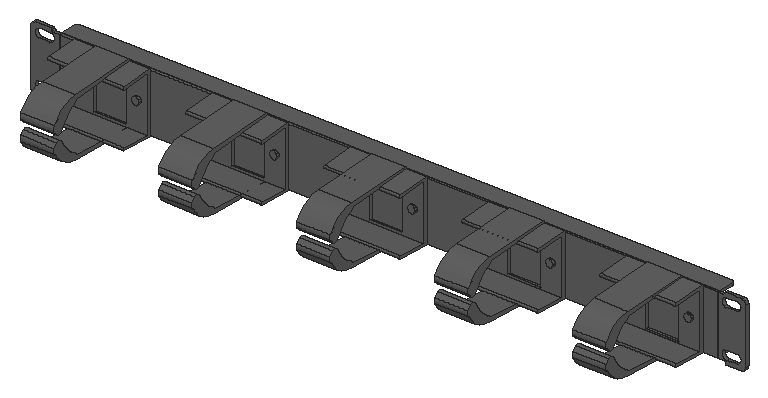
Revit family "Eurolan_Горизонтальный организатор 19 1U с пластиковыми кольцами", category Устройства связи, Revit 2019
Family settings
  Сохранять ориентацию аннотаций = Нет
  Размер круглого соединителя = Использовать диаметр
  Тип детали = Нормальный
  На основе рабочей плоскости = Нет
  Всегда вертикально = Да
  При загрузке вырезать с полостями = Нет
  Общий = Нет
  Точка расчета площади = Нет
Parameters (values of type "Горизонтальный организатор 19"_1U_с пластиковыми кольцами_25B-1U-14BL")
  ADSK_Примечание = ""
  ADSK_Позиция = ""
  ADSK_Наименование краткое = "Горизонтальный организатор 19\", 1U"
  ADSK_Наименование = "Горизонтальный организатор 19\", 1U, с пластиковыми кольцами, черный"
  ADSK_Материал = RAL 9005
  ADSK_Масса = 0.63
  ADSK_Марка = "1U"
  ADSK_Код изделия = "25B-1U-14BL"
  ADSK_Завод-изготовитель = "Eurolan"
  ADSK_Единица измерения = "шт."
Reference planes
  plane 1 "По центру (Вперед/Назад)": y = 0
  plane 2: z = 0
  plane 3 "По центру (Влево/Вправо)": x = 0
Forms (mm)
  Extrusion 1, solid, material "RAL 9005" <- "ADSK_Материал", detail levels medium
    sketch origin (0, 0, 0) x (1, 0, 0) y (0, 1, 0)
      loop
        line (-222, 0) -> (222.035, 0) -> (222.035, 15) -> (-222, 15) -> (-222, 0)
    from 0 to 43.8
  Extrusion 2, solid, material "RAL 9005" <- "ADSK_Материал", detail levels medium
    sketch origin (0, 0, 0) x (1, 0, 0) y (0, 1, 0)
      loop
        line (-241.3, 2) -> (-241.3, 0) -> (241.3, 0) -> (241.3, 2) -> (-241.3, 2)
    from 0 to 43.8
  Extrusion 3, solid, material "RAL 9005" <- "ADSK_Материал", detail levels medium
    sketch origin (0, 0, 0) x (1, 0, 0) y (0, 1, 0)
      loop
        line (-211.835, 0) -> (-211.835, -22.622) -> (-197.65, -22.622) -> (-197.65, -63.832) -> (-175.15, -63.832) -> (-175.15, -22.622) -> (-160.965, -22.622) -> (-160.965, 0) -> (-211.835, 0)
    from 0.426 to 43.8
  Extrusion 4, solid, material "RAL 9005" <- "ADSK_Материал", detail levels medium
    sketch origin (93.2, 0, 0) x (1, 0, 0) y (0, 1, 0)
      loop
        line (-211.835, 0) -> (-211.835, -22.622) -> (-197.65, -22.622) -> (-197.65, -63.832) -> (-175.15, -63.832) -> (-175.15, -22.622) -> (-160.965, -22.622) -> (-160.965, 0) -> (-211.835, 0)
    from 0.426 to 43.8
  Extrusion 5, solid, material "RAL 9005" <- "ADSK_Материал", detail levels medium
    sketch origin (186.4, 0, 0) x (1, 0, 0) y (0, 1, 0)
      loop
        line (-211.835, 0) -> (-211.835, -22.622) -> (-197.65, -22.622) -> (-197.65, -63.832) -> (-175.15, -63.832) -> (-175.15, -22.622) -> (-160.965, -22.622) -> (-160.965, 0) -> (-211.835, 0)
    from 0.426 to 43.8
  Extrusion 6, solid, material "RAL 9005" <- "ADSK_Материал", detail levels medium
    sketch origin (279.6, 0, 0) x (1, 0, 0) y (0, 1, 0)
      loop
        line (-211.835, 0) -> (-211.835, -22.622) -> (-197.65, -22.622) -> (-197.65, -63.832) -> (-175.15, -63.832) -> (-175.15, -22.622) -> (-160.965, -22.622) -> (-160.965, 0) -> (-211.835, 0)
    from 0.426 to 43.8
  Extrusion 7, solid, material "RAL 9005" <- "ADSK_Материал", detail levels medium
    sketch origin (372.8, 0, 0) x (1, 0, 0) y (0, 1, 0)
      loop
        line (-211.835, 0) -> (-211.835, -22.622) -> (-197.65, -22.622) -> (-197.65, -63.832) -> (-175.15, -63.832) -> (-175.15, -22.622) -> (-160.965, -22.622) -> (-160.965, 0) -> (-211.835, 0)
    from 0.426 to 43.8
  Extrusion 8, solid, material "RAL 9005" <- "ADSK_Материал", detail levels coarse
    sketch origin (0, 0, 0) x (1, 0, 0) y (0, 1, 0)
      loop
        line (-241.3, 14.7) -> (-241.3, -63.832) -> (241.3, -63.832) -> (241.3, 14.7) -> (-241.3, 14.7)
    from 0 to 43.8
Dimensions and locks
  plane 1 "По центру (Вперед/Назад)" to Extrusion 2 = 2 mm
  aligned and locked: level to plane 2
Nested families
  nested 1: "25B-1U-14BL" at (0, 0, 0), type "25B-1U-14BL"
Definition of nested family "25B-1U-14BL"
  Parameters (values of type "25B-1U-14BL")
    ШиринаОборудования = 444 mm
    Ширина_1 = 465 mm
    URL = ""
    ADSK_Размер_Ширина = 482.6 mm  # constant formula
    ADSK_Размер_Глубина = 117.4 mm
    ADSK_Размер_Высота = 43.8 mm
    ADSK_Материал = none
  Reference planes
    plane 1 "По центру (Вперед/Назад)": y = 0
    plane 2: z = 0
    plane 3 "По центру (Влево/Вправо)": x = 0
    plane 4 "l1": x = 241.3
    plane 5 "r1": x = -241.3
    plane 6 "u1": z = 43.8
    plane 7 "cc": z = 21.9
    plane 8: x = 222
    plane 9: x = -222
    plane 10 "11": z = 41.8
    plane 11 "33": z = 2
    plane 12 "44": z = 39.3
    plane 13: z = 4.5
  Forms (mm)
    Extrusion 1, solid, detail levels fine
      sketch origin (0, 2, 22.2) x (1, 0, 0) y (0, 0, 1)
        loop
          line (222, 19.6) -> (-222, 19.6) -> (-222, -20.2) -> (222, -20.2) -> (222, 19.6)
      from 0 to 2
    Extrusion 2, solid, material <- "ADSK_Материал", detail levels fine
      sketch origin (0, 7.756, 42.3) x (0, -1, 0) y (1, 0, 0)
        loop
          line (5.756, -222) -> (5.756, 222) -> (-4.929, 222)
          arc (-4.929, 222) -> (-6.354, 221.41) -> (-6.944, 219.985) r 2.015
          line (-6.944, 219.985) -> (-6.944, -219.985)
          arc (-6.944, -219.985) -> (-6.354, -221.41) -> (-4.929, -222) r 2.015
          line (-4.929, -222) -> (5.756, -222)
      from -2.054 to -0.5
    Extrusion 3, solid, material <- "ADSK_Материал", detail levels fine
      sketch origin (0, 7.756, 4.054) x (1, 0, 0) y (0, 1, 0)
        loop
          line (-222, -5.756) -> (222, -5.756) -> (222, 4.929)
          arc (222, 4.929) -> (221.41, 6.354) -> (219.985, 6.944) r 2.015
          line (219.985, 6.944) -> (-219.985, 6.944)
          arc (-219.985, 6.944) -> (-221.41, 6.354) -> (-222, 4.929) r 2.015
          line (-222, 4.929) -> (-222, -5.756)
      from -2.054 to -0.5
  Lines and regions (mm)
    model lines
      curve 1: line (-232.5, 0, 7.975) -> (-232.5, 0, 4.975)
      curve 2: line (-234, 0, 6.475) -> (-231, 0, 6.475)
      curve 3: line (-232.5, 0, 38.787) -> (-232.5, 0, 35.787)
      curve 4: line (-234, 0, 37.287) -> (-231, 0, 37.287)
      curve 5: line (232.5, 0, 38.803) -> (232.5, 0, 35.803)
      curve 6: line (231, 0, 37.287) -> (234, 0, 37.287)
      curve 7: line (232.5, 0, 7.465) -> (232.5, 0, 5.534)
      curve 8: line (231.09, 0, 6.475) -> (233.899, 0, 6.475)
  Dimensions and locks
    equal spacing: plane 5 "r1", plane 3 "По центру (Влево/Вправо)", plane 4 "l1"
    "ADSK_Размер_Ширина": plane 4 "l1" to plane 5 "r1"
    plane 5 "r1" to plane 4 "l1" = 482.6 mm
    "ADSK_Размер_Высота": level to plane 6 "u1"
    equal spacing: plane 6 "u1", plane 7 "cc", level
    equal spacing: plane 8, plane 3 "По центру (Влево/Вправо)", plane 9
    locked: plane 10 "11" to plane 6 "u1" at 2
    locked: level to plane 11 "33" at 2
    plane 12 "44" to plane 10 "11" = 2.5 mm
    plane 11 "33" to plane 13 = 2.5 mm
    plane 8 to plane 9 = 444 mm  (x2)
    "Ширина_1": curve 1 to curve 7
    equal spacing: curve 1, plane 3 "По центру (Влево/Вправо)", curve 7
    equal spacing: plane 4 "l1", plane 3 "По центру (Влево/Вправо)", plane 5 "r1"
    curve 6 to curve 8 = 30.812 mm
    curve 4 to curve 2 = 30.812 mm
    plane 9 to plane 8 = 444 mm
    Extrusion 2 to Extrusion 2 = 1.554 mm
    Extrusion 2 to Extrusion 2 = 12.7 mm
    aligned and locked: level to plane 2
    aligned and locked: plane 10 "11" to Extrusion 1
    aligned and locked: Extrusion 1 to plane 11 "33"
    aligned and locked: plane 10 "11" to Extrusion 2
  Automatic sketch dimensions
    Extrusion 1 sketch curve to plane 9 = 0 mm
    Extrusion 1 sketch curve to plane 8 = 0 mm
    Extrusion 1 sketch curve to plane 11 "33" = 0 mm
    Extrusion 1 sketch curve to plane 10 "11" = 0 mm
    Extrusion 2 sketch curve to plane 9 = 0 mm
    Extrusion 2 sketch curve to plane 8 = 0 mm
    plane 9 to Extrusion 2 sketch curve = 2.015 mm
    Extrusion 2 sketch curve to plane 1 "По центру (Вперед/Назад)" = 14.7 mm
    Extrusion 2 sketch curve to Extrusion 2 sketch curve = 2.015 mm
    Extrusion 2 sketch curve to plane 1 "По центру (Вперед/Назад)" = 2 mm
    Extrusion 3 sketch curve to plane 9 = 0 mm
    Extrusion 3 sketch curve to plane 8 = 0 mm
    plane 9 to Extrusion 3 sketch curve = 2.015 mm
    Extrusion 3 sketch curve to Extrusion 3 sketch curve = 2.015 mm
    Extrusion 3 sketch curve to plane 1 "По центру (Вперед/Назад)" = 2 mm
    Extrusion 3 sketch curve to Extrusion 3 sketch curve = 10.685 mm
    curve 1 to plane 13 = 0.475 mm
    plane 12 "44" to curve 4 = 2.013 mm
    plane 5 "r1" to curve 4 = 7.3 mm
    curve 2 to curve 1 = 1.5 mm  (x2)
    plane 12 "44" to curve 3 = 0.513 mm
    curve 4 to curve 3 = 1.5 mm
    curve 3 to curve 4 = 1.5 mm  (x2)
    curve 1 to curve 2 = 1.5 mm
    plane 12 "44" to curve 6 = 2.013 mm
    plane 8 to curve 6 = 9 mm
    curve 8 to curve 7 = 1.41 mm
    curve 6 to curve 5 = 1.5 mm
    curve 7 to curve 8 = 1.399 mm
    curve 5 to curve 6 = 1.5 mm
    curve 7 to plane 13 = 1.034 mm
    curve 8 to curve 7 = 0.99 mm
    curve 5 to curve 6 = 1.484 mm
    plane 12 "44" to curve 5 = 0.497 mm
  Nested families
    nested 1: "Пластиковый кольца к 25B-1U-14BL" at (0, 0, 2.725), type "Пластиковый кольца к 25B-1U-14BL", detail levels fine
    nested 2: "Пластиковый кольца к 25B-1U-14BL" at (93.2, 0, 2.725), type "Пластиковый кольца к 25B-1U-14BL", detail levels fine
    nested 3: "Пластиковый кольца к 25B-1U-14BL" at (186.4, 0, 2.725), type "Пластиковый кольца к 25B-1U-14BL", detail levels fine
    nested 4: "Пластиковый кольца к 25B-1U-14BL" at (-93.2, 0, 2.725) x (-1, 0, 0) z (0, 0, 1), type "Пластиковый кольца к 25B-1U-14BL", detail levels fine
    nested 5: "Пластиковый кольца к 25B-1U-14BL" at (-186.4, 0, 2.725) x (-1, 0, 0) z (0, 0, 1), type "Пластиковый кольца к 25B-1U-14BL", detail levels fine
    nested 6: "Уши" at (220.663, 1.231, 21.9), type "1U_панель"
    nested 7: "Уши" at (-220.663, 1.231, 21.9) x (-1, 0, 0) z (0, 0, 1), type "1U_панель"
  Definition of nested family "Пластиковый кольца к 25B-1U-14BL"
    Parameters (values of type "Пластиковый кольца к 25B-1U-14BL")
      ADSK_Материал = none
    Reference planes
      plane 1 "По центру (Вперед/Назад)": y = 0
      plane 2: z = 0
      plane 3 "По центру (Влево/Вправо)": x = 0
      plane 4: z = 19.175
      plane 5: z = -2.325
      plane 6: z = 40.675
    Forms (mm)
      Extrusion 1, solid
        sketch origin (0, 0, 0) x (0, 1, 0) y (0, 0, 1)
          loop
            line (0, 40.675) -> (-45.213, 38.759)
            arc (-45.213, 38.759) -> (-55.646, 35.571) -> (-63.208, 27.708) r 21.693
            arc (-63.208, 27.708) -> (-63.774, 25.872) -> (-63.308, 24.007) r 3.576
            line (-63.308, 24.007) -> (-60.884, 21.583)
            arc (-60.884, 21.583) -> (-59.188, 21.218) -> (-57.567, 21.837) r 3.049
            arc (-57.567, 21.837) -> (-53.014, 29.007) -> (-46.371, 34.299) r 25.667
            line (-46.371, 34.299) -> (-44.443, 35.96) -> (0, 38.99) -> (0, 40.675)
          loop
            line (0, -2.325) -> (0, -0.639) -> (-44.443, 2.391) -> (-46.365, 4.063)
            arc (-46.365, 4.063) -> (-53.013, 9.361) -> (-57.566, 16.54) r 25.665
            arc (-57.566, 16.54) -> (-59.205, 17.174) -> (-60.923, 16.807) r 3.075
            line (-60.923, 16.807) -> (-63.347, 14.383)
            arc (-63.347, 14.383) -> (-63.83, 12.439) -> (-63.209, 10.534) r 3.631
            arc (-63.209, 10.534) -> (-55.632, 2.745) -> (-45.232, -0.401) r 21.731
            line (-45.232, -0.401) -> (0, -2.325)
        from -11.25 to 11.25
      Extrusion 2, solid
        sketch origin (0, 0, 0) x (0, 1, 0) y (0, 0, 1)
          loop
            line (0, 39.833) -> (-21.776, 38.424)
            arc (-21.776, 38.424) -> (-22.622, 37.578) -> (-21.776, 36.733) r 0.846
            line (-21.776, 36.733) -> (-2.109, 38.005) -> (-2.109, 0.346) -> (-21.776, 1.618)
            arc (-21.776, 1.618) -> (-22.622, 0.772) -> (-21.776, -0.073) r 0.846
            line (-21.776, -0.073) -> (0, -1.482) -> (0, 39.833)
        from -25.435 to 25.435
      Extrusion 3, void
        sketch origin (0, 0, 0) x (1, 0, 0) y (0, 0, 1)
          loop
            line (-11.25, 35.96) -> (-11.25, 1.618) -> (11.25, 1.618) -> (11.25, 35.96) -> (-11.25, 35.96)
        from 0 to 2.109
      Extrusion 4, solid
        sketch origin (0, 0, 0) x (1, 0, 0) y (0, 0, 1)
          loop
            circle (18.342, 19.175) r 2.457
        from 2.109 to 3.483
      Extrusion 5, solid
        sketch origin (0, 0, 0) x (-1, 0, 0) y (0, 0, -1)
          loop
            circle (18.342, -19.175) r 2.457
        from 2.109 to 3.483
    Cuts and joins
      Extrusion 3 cuts Extrusion 1
      Extrusion 3 cuts Extrusion 2
    Dimensions and locks
      equal spacing: plane 5, plane 4, plane 6
      plane 5 to plane 6 = 43 mm
      Extrusion 3 to level = 35.96 mm
      locked: Extrusion 4 to cut or joined group of Extrusion 2, Extrusion 3 at 1.374
      aligned and locked: level to plane 2
      aligned and locked: Extrusion 3 to plane 1 "По центру (Вперед/Назад)"
      aligned and locked: cut or joined group of Extrusion 2, Extrusion 3 to Extrusion 3
      aligned and locked: Extrusion 4 to cut or joined group of Extrusion 2, Extrusion 3
    Automatic sketch dimensions
      Extrusion 1 sketch curve to plane 1 "По центру (Вперед/Назад)" = 0 mm  (x2)
      Extrusion 1 sketch curve to plane 4 = 7.331 mm
      plane 1 "По центру (Вперед/Назад)" to Extrusion 1 sketch curve = 33.916 mm
      plane 4 to Extrusion 1 sketch curve = 7.322 mm
      Extrusion 1 sketch curve to Extrusion 1 sketch curve = 0.006 mm
      plane 4 to Extrusion 1 sketch curve = 2.09 mm
      Extrusion 1 sketch curve to Extrusion 1 sketch curve = 10.373 mm
      Extrusion 1 sketch curve to Extrusion 1 sketch curve = 0.045 mm
      level to Extrusion 1 sketch curve = 2.391 mm
      Extrusion 1 sketch curve to Extrusion 1 sketch curve = 10.522 mm
      plane 6 to Extrusion 1 sketch curve = 4.715 mm
      Extrusion 1 sketch curve to Extrusion 1 sketch curve = 10.527 mm
      plane 6 to Extrusion 1 sketch curve = 1.917 mm
      Extrusion 1 sketch curve to Extrusion 1 sketch curve = 0.77 mm
      Extrusion 1 sketch curve to level = 0.401 mm
      Extrusion 1 sketch curve to Extrusion 1 sketch curve = 0.789 mm
      level to Extrusion 1 sketch curve = 4.063 mm
      Extrusion 1 sketch curve to Extrusion 1 sketch curve = 1.922 mm
      plane 6 to Extrusion 1 sketch curve = 6.377 mm
      Extrusion 1 sketch curve to Extrusion 1 sketch curve = 1.928 mm
      Extrusion 1 sketch curve to plane 4 = 5.082 mm
      Extrusion 1 sketch curve to Extrusion 1 sketch curve = 15.082 mm
      plane 4 to Extrusion 1 sketch curve = 5.067 mm
      Extrusion 1 sketch curve to Extrusion 1 sketch curve = 0.028 mm
      Extrusion 1 sketch curve to Extrusion 1 sketch curve = 0.779 mm
      Extrusion 1 sketch curve to Extrusion 1 sketch curve = 0.753 mm
      Extrusion 1 sketch curve to plane 4 = 2.407 mm
      Extrusion 1 sketch curve to Extrusion 1 sketch curve = 1.463 mm
      plane 4 to Extrusion 1 sketch curve = 2.369 mm
      Extrusion 1 sketch curve to Extrusion 1 sketch curve = 1.474 mm
      Extrusion 1 sketch curve to plane 4 = 4.831 mm
      Extrusion 1 sketch curve to Extrusion 1 sketch curve = 2.424 mm  (x2)
      plane 4 to Extrusion 1 sketch curve = 4.793 mm
      Extrusion 1 sketch curve to level = 0.639 mm
      plane 5 to Extrusion 1 sketch curve = 0 mm
      Extrusion 1 sketch curve to Extrusion 1 sketch curve = 1.539 mm
      Extrusion 1 sketch curve to Extrusion 1 sketch curve = 4.226 mm
      Extrusion 1 sketch curve to Extrusion 1 sketch curve = 1.517 mm
      plane 6 to Extrusion 1 sketch curve = 1.685 mm
      Extrusion 2 sketch curve to plane 1 "По центру (Вперед/Назад)" = 0 mm
      plane 1 "По центру (Вперед/Назад)" to Extrusion 2 sketch curve = 2.109 mm
      level to Extrusion 2 sketch curve = 0.772 mm
      Extrusion 2 sketch curve to Extrusion 2 sketch curve = 19.667 mm  (x2)
      plane 6 to Extrusion 2 sketch curve = 2.251 mm
      level to Extrusion 2 sketch curve = 0.346 mm
      Extrusion 2 sketch curve to level = 0.073 mm
      Extrusion 2 sketch curve to plane 5 = 0.843 mm
      Extrusion 2 sketch curve to Extrusion 2 sketch curve = 1.692 mm
      plane 6 to Extrusion 2 sketch curve = 2.671 mm
      plane 6 to Extrusion 2 sketch curve = 0.843 mm
      level to Extrusion 3 sketch curve = 1.618 mm
      Extrusion 3 sketch curve to plane 3 "По центру (Влево/Вправо)" = 11.25 mm
      plane 3 "По центру (Влево/Вправо)" to Extrusion 3 sketch curve = 11.25 mm
      plane 6 to Extrusion 3 sketch curve = 4.715 mm
      Extrusion 4 sketch curve to plane 4 = 0 mm
      plane 3 "По центру (Влево/Вправо)" to Extrusion 4 sketch curve = 18.342 mm
      Extrusion 5 sketch curve to plane 4 = 0 mm
      plane 3 "По центру (Влево/Вправо)" to Extrusion 5 sketch curve = 18.342 mm
      radius of Extrusion 4 sketch curve = 2.457 mm
      radius of Extrusion 5 sketch curve = 2.457 mm
  Definition of nested family "Уши"
    Parameters (values of type "1U_панель")
      Высота_2 = 88 mm
      U2 = no
      U1 = no
      U = 31.75 mm
      Высота = 44 mm
      ADSK_Материал = none
      1U_панель = yes
    Types (4, lengths in mm): name | U2 | U1 | 1U_панель
      (no name) | no | no | yes
      U1 | no | yes | yes
      U2 | yes | no | no
      1U_панель | no | no | yes
    Reference planes
      plane 1 "По центру (Вперед/Назад)": y = 0
      plane 2: z = 0
      plane 3 "По центру (Влево/Вправо)": x = 0
      plane 4: y = 0.697
      plane 5: y = -0.697
      plane 6: x = 23.637
      plane 7: z = 22
      plane 8: x = -1.264
      plane 9: z = 15.875
      plane 10: z = -15.875
      plane 11: z = -22
      plane 12: z = 44
      plane 13: z = -44
    Forms (mm)
      Extrusion 1, solid, material <- "ADSK_Материал", visible <- "U1", detail levels fine
        sketch origin (0, 0, 0) x (1, 0, 0) y (0, 0, 1)
          loop
            line (-1.264, 22) -> (-1.264, -22) -> (22.636, -22)
            arc (22.636, -22) -> (23.344, -21.707) -> (23.637, -20.999) r 1.001
            line (23.637, -20.999) -> (23.637, 20.999)
            arc (23.637, 20.999) -> (23.344, 21.707) -> (22.636, 22) r 1.001
            line (22.636, 22) -> (-1.264, 22)
          loop
            arc (7.986, 19.075) -> (4.786, 15.875) -> (7.986, 12.675) r 3.2
            line (7.986, 12.675) -> (14.386, 12.675)
            arc (14.386, 12.675) -> (17.586, 15.875) -> (14.386, 19.075) r 3.2
            line (14.386, 19.075) -> (7.986, 19.075)
          loop
            arc (7.986, -12.675) -> (4.786, -15.875) -> (7.986, -19.075) r 3.2
            line (7.986, -19.075) -> (14.386, -19.075)
            arc (14.386, -19.075) -> (17.586, -15.875) -> (14.386, -12.675) r 3.2
            line (14.386, -12.675) -> (7.986, -12.675)
        from -0.697 to 0.697
      Extrusion 2, solid, material <- "ADSK_Материал", visible <- "U2", detail levels fine
        sketch origin (0, 0, 0) x (1, 0, 0) y (0, 0, 1)
          loop
            line (23.637, 44) -> (-1.264, 44) -> (-1.264, -44) -> (23.637, -44) -> (23.637, 44)
          loop
            arc (7.986, 41.075) -> (4.786, 37.875) -> (7.986, 34.675) r 3.2
            line (7.986, 34.675) -> (14.386, 34.675)
            arc (14.386, 34.675) -> (17.586, 37.875) -> (14.386, 41.075) r 3.2
            line (14.386, 41.075) -> (7.986, 41.075)
          loop
            arc (7.986, -34.675) -> (4.786, -37.875) -> (7.986, -41.075) r 3.2
            line (7.986, -41.075) -> (14.386, -41.075)
            arc (14.386, -41.075) -> (17.586, -37.875) -> (14.386, -34.675) r 3.2
            line (14.386, -34.675) -> (7.986, -34.675)
        from -0.697 to 0.697
      Extrusion 3, solid, material <- "ADSK_Материал", visible <- "1U_панель", detail levels fine
        sketch origin (0, 0, 0) x (1, 0, 0) y (0, 0, 1)
          loop
            line (20.637, -18.9) -> (20.637, 18.9)
            arc (20.637, 18.9) -> (19.758, 21.021) -> (17.637, 21.9) r 3
            line (17.637, 21.9) -> (6.751, 21.9) -> (6.751, 20.9)
            arc (6.751, 20.9) -> (6.458, 20.193) -> (5.751, 19.9) r 1
            line (5.751, 19.9) -> (1.337, 19.9) -> (1.337, -19.9) -> (6.337, -19.9)
            arc (6.337, -19.9) -> (7.044, -20.193) -> (7.337, -20.9) r 1
            line (7.337, -20.9) -> (7.337, -21.9) -> (17.637, -21.9)
            arc (17.637, -21.9) -> (19.758, -21.021) -> (20.637, -18.9) r 3
          loop
            line (11.837, 12.675) -> (14.355, 12.675)
            arc (14.355, 12.675) -> (17.555, 15.875) -> (14.355, 19.075) r 3.2
            line (14.355, 19.075) -> (7.986, 19.075)
            arc (7.986, 19.075) -> (4.786, 15.875) -> (7.986, 12.675) r 3.2
            line (7.986, 12.675) -> (11.837, 12.675)
          loop
            line (11.837, -19.075) -> (14.355, -19.075)
            arc (14.355, -19.075) -> (17.555, -15.875) -> (14.355, -12.675) r 3.2
            line (14.355, -12.675) -> (7.986, -12.675)
            arc (7.986, -12.675) -> (4.786, -15.875) -> (7.986, -19.075) r 3.2
            line (7.986, -19.075) -> (11.837, -19.075)
        from -0.697 to 1.303
    Lines and regions (mm)
      model lines, visible <- "U1"
        curve 1: line (8.686, 0, 15.875) -> (13.686, 0, 15.875)
        curve 2: line (11.186, 0, 17.41) -> (11.186, 0, 14.377)
        curve 3: line (8.686, 0, -15.875) -> (13.686, 0, -15.875)
        curve 4: line (11.186, 0, -14.34) -> (11.186, 0, -17.373)
      model lines, visible <- "U2"
        curve 5: line (11.186, 0, 41.075) -> (11.186, 0, 34.675)
        curve 6: line (4.786, 0, 37.875) -> (17.586, 0, 37.875)
        curve 7: line (11.186, 0, -34.675) -> (11.186, 0, -41.075)
        curve 8: line (4.786, 0, -37.875) -> (17.586, 0, -37.875)
    Dimensions and locks
      equal spacing: plane 4, plane 1 "По центру (Вперед/Назад)", plane 5
      plane 4 to plane 5 = 1.394 mm
      locked: plane 3 "По центру (Влево/Вправо)" to plane 8 at 1.264
      plane 5 to plane 4 = 1.394 mm
      "U": plane 9 to plane 10
      equal spacing: plane 9, level, plane 10
      Extrusion 1 sketch curve to Extrusion 1 sketch curve = 2.925 mm  (x2)
      Extrusion 1 sketch curve to Extrusion 1 sketch curve = 6.4 mm  (x2)
      equal spacing: plane 7, level, plane 11
      "Высота": plane 7 to plane 11
      "Высота_2": plane 12 to plane 13
      equal spacing: plane 12, level, plane 13
      Extrusion 1 to Extrusion 1 = 2.925 mm
      curve 6 to curve 8 = 75.75 mm
      aligned and locked: level to plane 2
      aligned and locked: plane 4 to Extrusion 1
      aligned and locked: Extrusion 1 to plane 5
      aligned and locked: plane 7 to Extrusion 1
      aligned and locked: plane 11 to Extrusion 1
      aligned and locked: plane 4 to Extrusion 2
      aligned and locked: Extrusion 2 to plane 5
      aligned and locked: plane 4 to Extrusion 3
    Automatic sketch dimensions
      Extrusion 1 sketch curve to plane 8 = 0 mm
      Extrusion 1 sketch curve to plane 6 = 0 mm
      plane 3 "По центру (Влево/Вправо)" to Extrusion 1 sketch curve = 7.986 mm  (x2)
      Extrusion 1 sketch curve to Extrusion 1 sketch curve = 6.4 mm  (x2)
      Extrusion 1 sketch curve to plane 6 = 1.001 mm
      Extrusion 1 sketch curve to Extrusion 1 sketch curve = 1.001 mm
      Extrusion 1 sketch curve to plane 10 = 0 mm
      Extrusion 1 sketch curve to plane 7 = 0 mm
      Extrusion 2 sketch curve to plane 8 = 0 mm
      plane 10 to Extrusion 2 sketch curve = 22 mm
      Extrusion 2 sketch curve to plane 6 = 0 mm
      Extrusion 2 sketch curve to plane 12 = 0 mm
      plane 3 "По центру (Влево/Вправо)" to Extrusion 2 sketch curve = 7.986 mm  (x2)
      plane 9 to Extrusion 2 sketch curve = 18.8 mm
      Extrusion 2 sketch curve to Extrusion 2 sketch curve = 6.4 mm  (x2)
      Extrusion 2 sketch curve to plane 13 = 0 mm
      plane 13 to Extrusion 2 sketch curve = 2.925 mm
      Extrusion 2 sketch curve to Extrusion 2 sketch curve = 3.2 mm
      curve 1 to plane 9 = 0 mm
      curve 3 to plane 10 = 0 mm
      plane 3 "По центру (Влево/Вправо)" to curve 8 = 4.786 mm
      plane 3 "По центру (Влево/Вправо)" to curve 6 = 4.786 mm
      plane 3 "По центру (Влево/Вправо)" to curve 1 = 8.686 mm
      plane 3 "По центру (Влево/Вправо)" to curve 3 = 8.686 mm
      curve 1 to curve 2 = 2.5 mm
      curve 3 to curve 4 = 2.5 mm
      curve 5 to plane 12 = 2.925 mm
      curve 6 to curve 5 = 6.4 mm
      plane 13 to curve 7 = 2.925 mm
      curve 8 to curve 7 = 6.4 mm
      curve 4 to curve 3 = 2.5 mm
      curve 2 to curve 1 = 2.5 mm
      curve 8 to plane 6 = 6.05 mm
      curve 6 to plane 6 = 6.05 mm
      plane 10 to curve 4 = 1.498 mm
      curve 7 to curve 7 = 6.4 mm
      curve 4 to plane 10 = 1.535 mm
      curve 2 to plane 9 = 1.498 mm
      plane 9 to curve 2 = 1.535 mm
      curve 5 to curve 5 = 6.4 mm
      curve 6 to plane 12 = 6.125 mm
      Extrusion 3 sketch curve to plane 9 = 0 mm
      plane 3 "По центру (Влево/Вправо)" to Extrusion 3 sketch curve = 1.337 mm
      Extrusion 3 sketch curve to plane 7 = 1.1 mm
      Extrusion 3 sketch curve to Extrusion 3 sketch curve = 4.414 mm
      plane 11 to Extrusion 3 sketch curve = 1.1 mm
      Extrusion 3 sketch curve to Extrusion 3 sketch curve = 5 mm
      Extrusion 3 sketch curve to plane 7 = 0.1 mm
      Extrusion 3 sketch curve to Extrusion 3 sketch curve = 1 mm  (x2)
      plane 11 to Extrusion 3 sketch curve = 0.1 mm
      Extrusion 3 sketch curve to Extrusion 3 sketch curve = 2.235 mm
      Extrusion 3 sketch curve to level = 12.675 mm
      plane 3 "По центру (Влево/Вправо)" to Extrusion 3 sketch curve = 7.986 mm
      Extrusion 3 sketch curve to Extrusion 3 sketch curve = 3.85 mm  (x2)
      Extrusion 3 sketch curve to Extrusion 3 sketch curve = 2.518 mm  (x2)
      Extrusion 3 sketch curve to Extrusion 3 sketch curve = 3.282 mm
      Extrusion 3 sketch curve to plane 6 = 3 mm
      Extrusion 3 sketch curve to plane 9 = 3.2 mm
      Extrusion 3 sketch curve to Extrusion 3 sketch curve = 3 mm
      Extrusion 3 sketch curve to Extrusion 3 sketch curve = 6.4 mm
